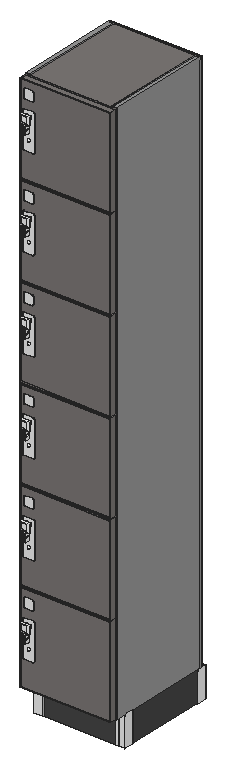
Revit family "Wood_Lockers_Hasps-Salsbury_Industries-46000_Series-1_Wide_Units", category Specialty Equipment, Revit 2024 (continued)
Definition of nested family "Wood Locker Flat Corner Fillers"
  Dimensions and locks (in)
    equal spacing: plane 6 "Front Side", plane 1 "Center (Front/Back)", plane 7 "Back Side"
    equal spacing: plane 5 "Left Side", plane 3 "Center (Left/Right)", plane 4 "Right Side"
    "Width": plane 5 "Left Side" to plane 4 "Right Side"
    "Depth": plane 6 "Front Side" to plane 7 "Back Side"
    "Height": plane 9 "Top Side" to plane 8 "Bottom"
    locked: plane 9 "Top Side" to plane 10 "Wood - Laminate Line" at 0.031
    locked: plane 6 "Front Side" to plane 12 at 3
    locked: plane 5 "Left Side" to plane 11 at 3
    plane 12 to plane 7 "Back Side" = 13.875"
    aligned and locked: level to plane 2
  Automatic sketch dimensions
    Extrusion 2 sketch curve to plane 5 "Left Side" = 0.000"
    plane 6 "Front Side" to Extrusion 2 sketch curve = 0.000"
    Extrusion 2 sketch curve to plane 11 = 0.000"
    Extrusion 2 sketch curve to plane 4 "Right Side" = 0.000"
    Extrusion 2 sketch curve to plane 12 = 0.000"
    plane 7 "Back Side" to Extrusion 2 sketch curve = 0.000"
    Extrusion 1 sketch curve to plane 5 "Left Side" = 0.000"
    plane 7 "Back Side" to Extrusion 1 sketch curve = 0.000"
    Extrusion 1 sketch curve to plane 12 = 0.000"
    Extrusion 1 sketch curve to plane 4 "Right Side" = 0.000"
    plane 6 "Front Side" to Extrusion 1 sketch curve = 0.000"
    Extrusion 1 sketch curve to plane 11 = 0.000"
Definition of nested family "Wood Locker Side Panels-No Slope"
  Parameters (values of type "44330 - 6' H for 15"D Lockers")
    Width = 14.625"
    Visible = yes
    Version = "1.0 (12/15/23)"
    Type Comments = "Side Panel for Premier Wood Lockers without Sloping Hood"
    Model = "44330"
    Manufacturer = "Salsbury Industries"
    Laminate Surface = none
    Height = 72.000"
    Door Trim = none
    Description = "6' H for 15\" D Lockers"
    Depth = 0.750"
    Default Elevation = 0.000"
  Types (6): name | Width | Visible | Version | Type Comments | Model | Manufacturer | Description
    (no name) | 14.625" | yes | "1.0 (12/15/23)" | "Side Panel for Premier Wood Lockers without Sloping Hood" | "44330" | "Salsbury Industries" | "6' H for 15\" D Lockers"
    44330 - 6' H for 15"D Lockers | 14.625" | yes | "1.0 (12/15/23)" | "Side Panel for Premier Wood Lockers without Sloping Hood" | "44330" | "Salsbury Industries" | "6' H for 15\" D Lockers"
    44333 - 6' H for 18" D Lockers | 17.625" | yes | "1.0 (12/15/23)" | "Side Panel for Premier Wood Lockers withouth Sloping Hood" | "44333" | "Salsbury Industries" | "6' H for 18\" D Lockers"
    44335 - 6' H for 21" D Lockers | 20.625" | yes | "1.0 (12/15/23)" | "Side Panel for Premier Wood Lockers without Sloping Hood" | "44335" | "Salsbury Industries" | "6' H for 21\" D Lockers"
    None | 14.000" | no | "" | "" | "" | "" | ""
    44237 - 6' H for 24" D Lockers | 23.625" | yes | "1.0 (12/15/23)" | "Side Panel for Premier Wood Lockers without Sloping Hood" | "44237" | "Salsbury Industries" | "6' H for 21\" D Lockers"
  Reference planes (in)
    plane 1 "Center (Front/Back)": y = 0
    plane 2: z = 0
    plane 3 "Center (Left/Right)": x = 0
    plane 4 "Back": y = 0.375
    plane 5 "Front": y = -0.375
    plane 6 "Left Side": x = -7.3125
    plane 7 "Right Side": x = 7.3125
    plane 8 "Bottom": z = 0
    plane 9 "Top": z = 72
    plane 10 "Center Elevation": z = 36
    plane 11 "Wood - Laminate Edge": y = -0.344
    plane 12 "Right Side of Wood": x = 7.2815
    plane 13 "Left Side of Wood": x = -7.2815
    plane 14 "Top of Wood": z = 71.969
    plane 15 "Bottom of Wood": z = 0.031
  Forms (in)
    Extrusion 1, solid, visible <- "Visible"
      sketch origin (0, 0.375, 0) x (1, 0, 0) y (0, 0, 1)
        loop
          line (7.2815, 71.969) -> (-7.2815, 71.969) -> (-7.2815, 0.031) -> (7.2815, 0.031) -> (7.2815, 71.969)
      from 0 to 0.719
    Extrusion 2, solid, material <- "Laminate Surface", visible <- "Visible"
      sketch origin (0, -0.375, 0) x (1, 0, 0) y (0, 0, 1)
        loop
          line (-7.3125, 72) -> (-7.3125, 0) -> (7.3125, 0) -> (7.3125, 72) -> (-7.3125, 72)
      from -0.031 to 0
    Extrusion 3, solid, material <- "Laminate Surface", visible <- "Visible"
      sketch origin (0, 0, 0) x (1, 0, 0) y (0, 0, 1)
        loop
          line (-7.3125, 0) -> (7.3125, 0) -> (7.3125, 72) -> (-7.3125, 72) -> (-7.3125, 0)
        loop
          line (-7.2815, 0.031) -> (7.2815, 0.031) -> (7.2815, 71.969) -> (-7.2815, 71.969) -> (-7.2815, 0.031)
      from -0.375 to 0.344
  Dimensions and locks (in)
    equal spacing: plane 6 "Left Side", plane 3 "Center (Left/Right)", plane 7 "Right Side"
    plane 5 "Front" to plane 1 "Center (Front/Back)" to plane 4 "Back" = 0.375", 0.375"
    "Width": plane 6 "Left Side" to plane 7 "Right Side"
    "Depth": plane 5 "Front" to plane 4 "Back"
    equal spacing: plane 9 "Top", plane 10 "Center Elevation", plane 8 "Bottom"
    "Height": plane 9 "Top" to plane 8 "Bottom"
    locked: plane 5 "Front" to plane 11 "Wood - Laminate Edge" at 0.031
    locked: plane 15 "Bottom of Wood" to plane 8 "Bottom" at 0.031
    locked: plane 12 "Right Side of Wood" to plane 7 "Right Side" at 0.031
    locked: plane 6 "Left Side" to plane 13 "Left Side of Wood" at 0.031
    locked: plane 9 "Top" to plane 14 "Top of Wood" at 0.031
    aligned and locked: level to plane 2
    aligned and locked: Extrusion 2 sketch curve to plane 7 "Right Side"
    aligned and locked: plane 8 "Bottom" to Extrusion 2 sketch curve
    aligned and locked: plane 6 "Left Side" to Extrusion 2 sketch curve
    aligned and locked: plane 9 "Top" to Extrusion 2 sketch curve
    aligned and locked: Extrusion 3 to plane 4 "Back"
    aligned and locked: plane 11 "Wood - Laminate Edge" to Extrusion 3
  Automatic sketch dimensions
    plane 13 "Left Side of Wood" to Extrusion 1 sketch curve = 0.000"
    plane 12 "Right Side of Wood" to Extrusion 1 sketch curve = 0.000"
    Extrusion 1 sketch curve to plane 15 "Bottom of Wood" = 0.000"
    Extrusion 1 sketch curve to plane 14 "Top of Wood" = 0.000"
    plane 13 "Left Side of Wood" to Extrusion 3 sketch curve = 0.000"
    Extrusion 3 sketch curve to level = 0.000"
    plane 13 "Left Side of Wood" to Extrusion 3 sketch curve = 0.031"
    plane 12 "Right Side of Wood" to Extrusion 3 sketch curve = 0.000"
    plane 7 "Right Side" to Extrusion 3 sketch curve = 0.000"
    Extrusion 3 sketch curve to plane 15 "Bottom of Wood" = 0.000"
    Extrusion 3 sketch curve to plane 14 "Top of Wood" = 0.000"
    Extrusion 3 sketch curve to plane 9 "Top" = 0.000"
Definition of nested family "Wood Locker Side Panels-With Slope"
  Parameters (values of type "33339 - 6' H for 15" D Lockers")
    Width = 14.000"
    Visible = yes
    Version = "1.0 (2/29/16)"
    Type Comments = "Side Panel for Designer Wood Lockers with Sloping Hood"
    Slope Height = 5.233"
    Model = "33339"
    Manufacturer = "Salsbury Industries"
    Laminate Surface = none
    Height = 72.164"
    Door Trim = none
    Description = "6' H for 15\" D Lockers"
    Depth = 0.750"
    Default Elevation = 0.000"
  Types (11): name | Width | Visible | Version | Type Comments | Slope Height | Model | Manufacturer | Height | Description
    (no name) | 14.000" | yes | "1.0 (2/29/16)" | "Side Panel for Designer Wood Lockers with Sloping Hood" | 5.233" | "33339" | "Salsbury Industries" | 72.164" | "6' H for 15\" D Lockers"
    33334 - 6' H  for 18" D Lockers | 17.000" | yes | "1.0 (2/29/16)" | "Side Panel for Designer Wood Lockers with Sloping Hood" | 6.358" | "33334" | "Salsbury Industries" | 72.153" | "6' H for 18\" D Lockers"
    33336 - 6' H for 21" D Lockers | 20.000" | yes | "1.0 (2/29/16)" | "Side Panel for Designer Wood Lockers with Sloping Hood" | 7.483" | "33336" | "Salsbury Industries" | 72.153" | "6' H for 21\" D Lockers"
    22238 - 6' H for 24" D Lockers | 23.000" | yes | "1.0 (2/29/16)" | "Side Panel for Extra Wide Designer Wood Lockers with Sloping Hood" | 8.608" | "22238" | "Salsbury Industries" | 72.153" | "6' H for 24\" D Lockers"
    33309 - 5' H for 15" D Lockers | 14.000" | yes | "1.0 (2/29/16)" | "Side Panel for Designer Wood Lockers with Sloping Hood" | 5.233" | "33309" | "Salsbury Industries" | 60.153" | "5' H for 15\" D Lockers"
    33304 - 5' H for 18" D Lockers | 17.000" | yes | "1.0 (2/29/16)" | "Side Panel for Designer Wood Lockers with Sloping Hood" | 6.358" | "33304" | "Salsbury Industries" | 60.153" | "5' H for 18\" D Lockers"
    33306 - 5' H for 21" D Lockers | 20.000" | yes | "1.0 (2/29/16)" | "Side Panel for Designer Wood Lockers with Sloping Hood" | 7.483" | "33306" | "Salsbury Industries" | 60.153" | "5' H for 21\" D Lockers"
    None | 14.000" | no | "" | "" | 5.500" | "" | "" | 72.000" | ""
    33339 - 6' H for 15" D Lockers | 14.000" | yes | "1.0 (2/29/16)" | "Side Panel for Designer Wood Lockers with Sloping Hood" | 5.233" | "33339" | "Salsbury Industries" | 72.164" | "6' H for 15\" D Lockers"
    22234 - 6' H for 18" D Lockers | 17.000" | yes | "1.0 (2/29/16)" | "Side Panel for Extra Wide Designer Wood Lockers with Sloping Hood" | 6.358" | "22234" | "Salsbury Industries" | 72.153" | "6' H for 18\" D Lockers"
    22236 - 6' H for 21" D Lockers | 20.000" | yes | "1.0 (2/29/16)" | "Side Panel for Extra Wide Designer Wood Lockers with Sloping Hood" | 7.483" | "22236" | "Salsbury Industries" | 72.153" | "6' H for 21\" D Lockers"
  Reference planes (in)
    plane 1 "Center (Front/Back)": y = 0
    plane 2: z = 0
    plane 3 "Center (Left/Right)": x = 0
    plane 4 "Back": y = 0.375
    plane 5 "Front": y = -0.375
    plane 6 "Left Side": x = -7
    plane 7 "Right Side": x = 7
    plane 8 "Bottom": z = 0
    plane 9 "Top": z = 72.164
    plane 10 "Center Elevation": z = 36.082
    plane 11 "Wood - Laminate Edge": y = -0.344
    plane 12 "Right Side of Wood": x = 6.875
    plane 13 "Left Side of Wood": x = -6.875
    plane 14 "Top of Wood": z = 72.039
    plane 15 "Bottom of Wood": z = 0.125
    plane 16: z = 77.397
    plane 17: z = 77.272
  Forms (in)
    Extrusion 1, solid, visible <- "Visible"
      sketch origin (0, 0.375, 0) x (1, 0, 0) y (0, 0, 1)
        loop
          arc (-6.875, 0.25) -> (-6.83839, 0.16161) -> (-6.75, 0.125) r 0.125
          line (-6.75, 0.125) -> (6.75, 0.125)
          arc (6.75, 0.125) -> (6.83839, 0.16161) -> (6.875, 0.25) r 0.125
          line (6.875, 0.25) -> (6.875, 71.914)
          arc (6.875, 71.914) -> (6.86548, 71.96184) -> (6.83839, 72.00239) r 0.125
          line (6.83839, 72.00239) -> (-6.70276, 77.26273)
          arc (-6.70276, 77.26273) -> (-6.81971, 77.25075) -> (-6.875, 77.147) r 0.125
          line (-6.875, 77.147) -> (-6.875, 0.25)
      from 0 to 0.719
    Extrusion 2, solid, material <- "Laminate Surface", visible <- "Visible"
      sketch origin (0, -0.375, 0) x (1, 0, 0) y (0, 0, 1)
        loop
          arc (-6.875, 0.25) -> (-6.83839, 0.16161) -> (-6.75, 0.125) r 0.125
          line (-6.75, 0.125) -> (6.75, 0.125)
          arc (6.75, 0.125) -> (6.83839, 0.16161) -> (6.875, 0.25) r 0.125
          line (6.875, 0.25) -> (6.875, 71.914)
          arc (6.875, 71.914) -> (6.86548, 71.96184) -> (6.83839, 72.00239) r 0.125
          line (6.83839, 72.00239) -> (-6.70276, 77.26273)
          arc (-6.70276, 77.26273) -> (-6.81971, 77.25075) -> (-6.875, 77.147) r 0.125
          line (-6.875, 77.147) -> (-6.875, 0.25)
      from -0.031 to 0
    Sweep 3, solid, material <- "Door Trim", visible <- "Visible"
      path origin (0, -0.375, 0) x (1, 0, 0) y (0, 0, 1)
        loop
          line (-6.875, 77.147) -> (-6.875, 0.25)
          arc (-6.875, 0.25) -> (-6.83839, 0.16161) -> (-6.75, 0.125) r 0.125
          line (-6.75, 0.125) -> (6.75, 0.125)
          arc (6.75, 0.125) -> (6.83839, 0.16161) -> (6.875, 0.25) r 0.125
          line (6.875, 0.25) -> (6.875, 71.914)
          arc (6.875, 71.914) -> (6.86548, 71.96184) -> (6.83839, 72.00239) r 0.125
          line (6.83839, 72.00239) -> (-6.70276, 77.26273)
          arc (-6.70276, 77.26273) -> (-6.81971, 77.25075) -> (-6.875, 77.147) r 0.125
      profile origin (-6.81971, -0.375, 77.25075) x (-0.557711, 0, 0.830035) y (0, -1, 0)
        loop
          line (0, 0) -> (0, -0.75) -> (0.125, -0.75) -> (0.125, 0) -> (0, 0)
  Dimensions and locks (in)
    equal spacing: plane 6 "Left Side", plane 3 "Center (Left/Right)", plane 7 "Right Side"
    plane 5 "Front" to plane 1 "Center (Front/Back)" to plane 4 "Back" = 0.375", 0.375"
    "Width": plane 6 "Left Side" to plane 7 "Right Side"
    "Depth": plane 5 "Front" to plane 4 "Back"
    equal spacing: plane 9 "Top", plane 10 "Center Elevation", plane 8 "Bottom"
    "Height": plane 9 "Top" to plane 8 "Bottom"
    locked: plane 5 "Front" to plane 11 "Wood - Laminate Edge" at 0.031
    locked: plane 15 "Bottom of Wood" to plane 8 "Bottom" at 0.125
    locked: plane 12 "Right Side of Wood" to plane 7 "Right Side" at 0.125
    locked: plane 6 "Left Side" to plane 13 "Left Side of Wood" at 0.125
    locked: plane 9 "Top" to plane 14 "Top of Wood" at 0.125
    "Slope Height": plane 16 to plane 9 "Top"
    locked: plane 16 to plane 17 at 0.125
    aligned and locked: level to plane 2
  Automatic sketch dimensions
    Sweep 3 sketch curve to profile plane = 0.000"
    plane 5 "Front" to Sweep 3 sketch curve = 0.000"
    Sweep 3 sketch curve to Sweep 3 sketch curve = 0.125"  (x3)
    Sweep 3 sketch curve to plane 5 "Front" = 0.750"
    Sweep 3 sketch curve to plane 13 "Left Side of Wood" = 0.000"
    Sweep 3 sketch curve to plane 15 "Bottom of Wood" = 0.000"
    plane 12 "Right Side of Wood" to Sweep 3 sketch curve = 0.000"
    Sweep 3 sketch curve to plane 13 "Left Side of Wood" = 0.125"  (x2)
    plane 17 to Sweep 3 sketch curve = 0.00927"
    Sweep 3 sketch curve to Sweep 3 sketch curve = 0.04724"
    plane 14 "Top of Wood" to Sweep 3 sketch curve = 0.125"
    plane 12 "Right Side of Wood" to Sweep 3 sketch curve = 0.03661"
    plane 13 "Left Side of Wood" to Extrusion 2 sketch curve = 0.000"
    Extrusion 2 sketch curve to plane 15 "Bottom of Wood" = 0.000"
    plane 12 "Right Side of Wood" to Extrusion 2 sketch curve = 0.000"
    Extrusion 2 sketch curve to plane 13 "Left Side of Wood" = 0.125"  (x2)
    plane 17 to Extrusion 2 sketch curve = 0.00927"
    Extrusion 2 sketch curve to Extrusion 2 sketch curve = 0.04724"
    Extrusion 2 sketch curve to Extrusion 2 sketch curve = 0.125"  (x2)
    plane 12 "Right Side of Wood" to Extrusion 2 sketch curve = 0.03661"
    plane 14 "Top of Wood" to Extrusion 2 sketch curve = 0.125"
    plane 13 "Left Side of Wood" to Extrusion 1 sketch curve = 0.000"
    Extrusion 1 sketch curve to plane 15 "Bottom of Wood" = 0.000"
    plane 12 "Right Side of Wood" to Extrusion 1 sketch curve = 0.000"
    Extrusion 1 sketch curve to plane 13 "Left Side of Wood" = 0.125"  (x2)
    plane 17 to Extrusion 1 sketch curve = 0.00927"
    Extrusion 1 sketch curve to Extrusion 1 sketch curve = 0.04724"
    plane 12 "Right Side of Wood" to Extrusion 1 sketch curve = 0.125"
    Extrusion 1 sketch curve to Extrusion 1 sketch curve = 0.125"
    plane 12 "Right Side of Wood" to Extrusion 1 sketch curve = 0.03661"
    plane 14 "Top of Wood" to Extrusion 1 sketch curve = 0.125"
Definition of nested family "Wood Locker Double Side Panels-No Slope"
  Parameters (values of type "44330DE - 6' H for 15"D Lockers")
    Width = 29.250"
    Visible = yes
    Version = "1.0 (12/15/23)"
    Type Comments = "Double End Panel for Premier Wood Lockers"
    Model = "44330DE"
    Manufacturer = "Salsbury Industries"
    Laminate Surface = none
    Height = 72.000"
    Door Trim = none
    Description = "For 6' H x 15\" D without Sloping Hood"
    Depth = 0.750"
    Default Elevation = 0.000"
  Types (6): name | Width | Visible | Version | Type Comments | Model | Manufacturer | Description
    (no name) | 29.250" | yes | "1.0 (12/15/23)" | "Double End Panel for Premier Wood Lockers" | "44330DE" | "Salsbury Industries" | "For 6' H x 15\" D without Sloping Hood"
    44330DE - 6' H for 15"D Lockers | 29.250" | yes | "1.0 (12/15/23)" | "Double End Panel for Premier Wood Lockers" | "44330DE" | "Salsbury Industries" | "For 6' H x 15\" D without Sloping Hood"
    44333DE - 6' H for 18" D Lockers | 35.250" | yes | "1.0 (12/15/23)" | "Double End Panel for Premier Wood Lockers" | "44333DE" | "Salsbury Industries" | "For 6' H x 18\" D without Sloping Hood"
    44335DE - 6' H for 21" D Lockers | 41.250" | yes | "1.0 (12/15/23)" | "Double End Panel for Premier Wood Lockers" | "44335DE" | "Salsbury Industries" | "For 6' H x 21\" D without Sloping Hood"
    None | 14.000" | no | "" | "" | "" | "" | ""
    44237DE - 6' H for 24" D Lockers | 47.250" | yes | "1.0 (12/15/23)" | "Double End Panel for Premier Wood Lockers" | "44237DE" | "Salsbury Industries" | "For 6' H x 21\" D without Sloping Hood"
  Reference planes (in)
    plane 1 "Center (Front/Back)": y = 0
    plane 2: z = 0
    plane 3 "Center (Left/Right)": x = 0
    plane 4 "Back": y = 0.375
    plane 5 "Front": y = -0.375
    plane 6 "Left Side": x = -14.625
    plane 7 "Right Side": x = 14.625
    plane 8 "Bottom": z = 0
    plane 9 "Top": z = 72
    plane 10 "Center Elevation": z = 36
    plane 11 "Wood - Laminate Edge": y = -0.344
    plane 12 "Right Side of Wood": x = 14.594
    plane 13 "Left Side of Wood": x = -14.594
    plane 14 "Top of Wood": z = 71.969
    plane 15 "Bottom of Wood": z = 0.031
  Forms (in)
    Extrusion 1, solid, visible <- "Visible"
      sketch origin (0, 0.375, 0) x (1, 0, 0) y (0, 0, 1)
        loop
          line (14.594, 71.969) -> (-14.594, 71.969) -> (-14.594, 0.031) -> (14.594, 0.031) -> (14.594, 71.969)
      from 0 to 0.719
    Extrusion 2, solid, material <- "Laminate Surface", visible <- "Visible"
      sketch origin (0, -0.375, 0) x (1, 0, 0) y (0, 0, 1)
        loop
          line (-14.625, 72) -> (-14.625, 0) -> (14.625, 0) -> (14.625, 72) -> (-14.625, 72)
      from -0.031 to 0
    Extrusion 3, solid, material <- "Laminate Surface", visible <- "Visible"
      sketch origin (0, 0, 0) x (1, 0, 0) y (0, 0, 1)
        loop
          line (-14.625, 0) -> (14.625, 0) -> (14.625, 72) -> (-14.625, 72) -> (-14.625, 0)
        loop
          line (14.594, 71.969) -> (-14.594, 71.969) -> (-14.594, 0.031) -> (14.594, 0.031) -> (14.594, 71.969)
      from -0.375 to 0.344
  Dimensions and locks (in)
    equal spacing: plane 6 "Left Side", plane 3 "Center (Left/Right)", plane 7 "Right Side"
    plane 5 "Front" to plane 1 "Center (Front/Back)" to plane 4 "Back" = 0.375", 0.375"
    "Width": plane 6 "Left Side" to plane 7 "Right Side"
    "Depth": plane 5 "Front" to plane 4 "Back"
    equal spacing: plane 9 "Top", plane 10 "Center Elevation", plane 8 "Bottom"
    "Height": plane 9 "Top" to plane 8 "Bottom"
    locked: plane 5 "Front" to plane 11 "Wood - Laminate Edge" at 0.031
    locked: plane 15 "Bottom of Wood" to plane 8 "Bottom" at 0.031
    plane 12 "Right Side of Wood" to plane 7 "Right Side" = 0.031"
    locked: plane 6 "Left Side" to plane 13 "Left Side of Wood" at 0.031
    locked: plane 9 "Top" to plane 14 "Top of Wood" at 0.031
    aligned and locked: level to plane 2
    aligned and locked: plane 8 "Bottom" to Extrusion 2 sketch curve
    aligned and locked: plane 6 "Left Side" to Extrusion 2 sketch curve
    aligned and locked: Extrusion 2 sketch curve to plane 7 "Right Side"
    aligned and locked: plane 9 "Top" to Extrusion 2 sketch curve
    aligned and locked: Extrusion 3 to plane 4 "Back"
    aligned and locked: plane 11 "Wood - Laminate Edge" to Extrusion 3
  Automatic sketch dimensions
    plane 13 "Left Side of Wood" to Extrusion 1 sketch curve = 0.000"
    plane 12 "Right Side of Wood" to Extrusion 1 sketch curve = 0.000"
    Extrusion 1 sketch curve to plane 15 "Bottom of Wood" = 0.000"
    Extrusion 1 sketch curve to plane 14 "Top of Wood" = 0.000"
    Extrusion 3 sketch curve to level = 0.000"
    plane 6 "Left Side" to Extrusion 3 sketch curve = 0.000"
    plane 7 "Right Side" to Extrusion 3 sketch curve = 0.000"
    Extrusion 3 sketch curve to plane 9 "Top" = 0.000"
    plane 13 "Left Side of Wood" to Extrusion 3 sketch curve = 0.000"
    Extrusion 3 sketch curve to plane 15 "Bottom of Wood" = 0.000"
    Extrusion 3 sketch curve to plane 14 "Top of Wood" = 0.000"
    plane 12 "Right Side of Wood" to Extrusion 3 sketch curve = 0.000"
Definition of nested family "Wood Locker Double Side Panels-With Slope"
  Parameters (values of type "44339DE - 6' H for 15"D Lockers")
    Width = 29.250"
    Visible = yes
    Version = "1.0 (12/15/23)"
    Type Comments = "Double End Panel for Premier Wood Lockers"
    Slope Height = 5.681"
    Model = "44339DE"
    Manufacturer = "Salsbury Industries"
    Laminate Surface = none
    Height = 72.062"
    Door Trim = none
    Description = "For 6' H x 15\" D Lockers with Sloping Hood"
    Depth = 0.750"
    Default Elevation = 0.000"
  Types (6): name | Width | Visible | Version | Type Comments | Slope Height | Model | Manufacturer | Height | Description
    (no name) | 29.250" | yes | "1.0 (12/15/23)" | "Double End Panel for Premier Wood Lockers" | 5.681" | "44339DE" | "Salsbury Industries" | 72.062" | "For 6' H x 15\" D Lockers with Sloping Hood"
    44339DE - 6' H for 15"D Lockers | 29.250" | yes | "1.0 (12/15/23)" | "Double End Panel for Premier Wood Lockers" | 5.681" | "44339DE" | "Salsbury Industries" | 72.062" | "For 6' H x 15\" D Lockers with Sloping Hood"
    44334DE - 6' H  for 18" D Lockers | 35.250" | yes | "1.0 (12/15/23)" | "Double End Panel for Premier Wood Lockers" | 6.806" | "44334DE" | "Salsbury Industries" | 72.062" | "For 6' H x 18\" D Lockers with Sloping Hood"
    44336DE - 6' H for 21" D Lockers | 41.250" | yes | "1.0 (12/15/23)" | "Double End Panel for Premier Wood Lockers" | 7.931" | "44336DE" | "Salsbury Industries" | 72.062" | "For 6' H x 21\" D Lockers with Sloping Hood"
    None | 14.000" | no | "" | "" | 5.500" | "" | "" | 72.000" | ""
    44238DE - 6' H for 24" D Lockers | 47.250" | yes | "1.0 (12/15/23)" | "Double End Panel for Premier Wood Lockers" | 8.895" | "442386DE" | "Salsbury Industries" | 72.153" | "For 6' H x 21\" D Lockers with Sloping Hood"
  Reference planes (in)
    plane 1 "Center (Front/Back)": y = 0
    plane 2: z = 0
    plane 3 "Center (Left/Right)": x = 0
    plane 4 "Back": y = 0.375
    plane 5 "Front": y = -0.375
    plane 6 "Left Side": x = -14.625
    plane 7 "Right Side": x = 14.625
    plane 8 "Bottom": z = 0
    plane 9 "Top": z = 72.062
    plane 10 "Center Elevation": z = 36.031
    plane 11 "Wood - Laminate Edge": y = -0.344
    plane 12 "Right Side of Wood": x = 14.594
    plane 13 "Left Side of Wood": x = -14.594
    plane 14 "Top of Wood": z = 71.937
    plane 15 "Bottom of Wood": z = 0.125
    plane 16: z = 77.743
    plane 17: z = 77.712
  Forms (in)
    Extrusion 1, solid, visible <- "Visible"
      sketch origin (0, 0.375, 0) x (1, 0, 0) y (0, 0, 1)
        loop
          line (14.594, 72.031) -> (0, 77.712) -> (-14.594, 72.031) -> (-14.594, 0) -> (14.594, 0) -> (14.594, 72.031)
      from 0 to 0.719
    Extrusion 2, solid, material <- "Laminate Surface", visible <- "Visible"
      sketch origin (0, -0.375, 0) x (1, 0, 0) y (0, 0, 1)
        loop
          line (14.625, 0) -> (14.625, 72.062) -> (0, 77.743) -> (-14.625, 72.062) -> (-14.625, 0) -> (14.625, 0)
      from -0.031 to 0
    Extrusion 3, solid, material <- "Laminate Surface", visible <- "Visible"
      sketch origin (0, 0.375, 0) x (1, 0, 0) y (0, 0, 1)
        loop
          line (14.625, 0) -> (14.625, 72.062) -> (0, 77.743) -> (-14.625, 72.062) -> (-14.625, 0) -> (-14.594, 0) -> (-14.594, 72.031) -> (0, 77.712) -> (14.594, 72.031) -> (14.594, 0) -> (14.625, 0)
      from 0 to 0.719
  Dimensions and locks (in)
    equal spacing: plane 6 "Left Side", plane 3 "Center (Left/Right)", plane 7 "Right Side"
    plane 5 "Front" to plane 1 "Center (Front/Back)" to plane 4 "Back" = 0.375", 0.375"
    "Width": plane 6 "Left Side" to plane 7 "Right Side"
    "Depth": plane 5 "Front" to plane 4 "Back"
    equal spacing: plane 9 "Top", plane 10 "Center Elevation", plane 8 "Bottom"
    "Height": plane 9 "Top" to plane 8 "Bottom"
    locked: plane 5 "Front" to plane 11 "Wood - Laminate Edge" at 0.031
    locked: plane 15 "Bottom of Wood" to plane 8 "Bottom" at 0.125
    locked: plane 12 "Right Side of Wood" to plane 7 "Right Side" at 0.031
    locked: plane 6 "Left Side" to plane 13 "Left Side of Wood" at 0.031
    locked: plane 9 "Top" to plane 14 "Top of Wood" at 0.125
    "Slope Height": plane 16 to plane 9 "Top"
    locked: plane 16 to plane 17 at 0.031
    aligned and locked: level to plane 2
    aligned and locked: Extrusion 3 to plane 4 "Back"
    aligned and locked: plane 11 "Wood - Laminate Edge" to Extrusion 3
  Automatic sketch dimensions
    plane 6 "Left Side" to Extrusion 2 sketch curve = 0.000"
    Extrusion 2 sketch curve to plane 3 "Center (Left/Right)" = 0.000"
    plane 7 "Right Side" to Extrusion 2 sketch curve = 0.000"
    Extrusion 2 sketch curve to level = 0.000"
    Extrusion 2 sketch curve to plane 9 "Top" = 0.000"  (x2)
    Extrusion 2 sketch curve to plane 16 = 0.000"
    Extrusion 1 sketch curve to level = 0.000"
    plane 13 "Left Side of Wood" to Extrusion 1 sketch curve = 0.000"
    Extrusion 1 sketch curve to plane 3 "Center (Left/Right)" = 0.000"
    plane 12 "Right Side of Wood" to Extrusion 1 sketch curve = 0.000"
    Extrusion 1 sketch curve to plane 17 = 0.000"
    plane 9 "Top" to Extrusion 1 sketch curve = 0.031"  (x2)
    Extrusion 3 sketch curve to level = 0.000"  (x2)
    plane 6 "Left Side" to Extrusion 3 sketch curve = 0.000"
    plane 13 "Left Side of Wood" to Extrusion 3 sketch curve = 0.000"
    Extrusion 3 sketch curve to plane 3 "Center (Left/Right)" = 0.000"  (x2)
    plane 12 "Right Side of Wood" to Extrusion 3 sketch curve = 0.000"
    plane 7 "Right Side" to Extrusion 3 sketch curve = 0.000"
    Extrusion 3 sketch curve to plane 9 "Top" = 0.000"  (x2)
    plane 9 "Top" to Extrusion 3 sketch curve = 0.031"  (x2)
    Extrusion 3 sketch curve to plane 17 = 0.000"
    Extrusion 3 sketch curve to plane 16 = 0.000"
Definition of nested family "Wood Locker Front Fillers"
  Parameters (values of type "44469 - 9" W for 6' H Lockers without Base")
    Width = 9.000"
    Visible Base = no
    Visible = yes
    Version = "1.0 (1/31/24)"
    Type Comments = "Front Vertical Filler for Premier Wood Lockers"
    Model = "44469"
    Manufacturer = "Salsbury Industries"
    Laminate Surface = none
    Height = 72.000"
    Description = "For 6' H Lockers"
    Depth = 0.750"
    Default Elevation = 0.000"
    Base Height = 0.000"
  Types (6): name | Width | Visible Base | Visible | Version | Type Comments | Model | Manufacturer | Description | Base Height
    (no name) | 9.000" | no | yes | "1.0 (1/31/24)" | "Front Vertical Filler for Premier Wood Lockers" | "44469" | "Salsbury Industries" | "For 6' H Lockers" | 0.000"
    44467 - 15"W for 6' H Lockers with Base | 15.000" | yes | yes | "1.0 (01/31/24)" | "Front Vertical Filler for Premier Wood Lockers" | "444367" | "Salsbury Industries" | "For 6' H Lockers" | 4.000"
    None | 15.000" | no | no | "" | "" | "" | "" | "" | 4.000"
    44469 - 9" W for 6' H Lockers with Base | 9.000" | yes | yes | "1.0 (01/31/24)" | "Front Vertical Filler for Premier Wood Lockers" | "44469" | "Salsbury Industries" | "For 6' H Lockers" | 4.000"
    44467 - 15" W for 6'H Lockers without Base | 15.000" | no | yes | "1.0 (01/31/24)" | "Front Vertical Filler for Premier Wood Lockers" | "44467" | "Salsbury Industries" | "For 6' H Lockers" | 0.000"
    44469 - 9" W for 6' H Lockers without Base | 9.000" | no | yes | "1.0 (1/31/24)" | "Front Vertical Filler for Premier Wood Lockers" | "44469" | "Salsbury Industries" | "For 6' H Lockers" | 0.000"
  Reference planes (in)
    plane 1 "Center (Front/Back)": y = 0
    plane 2: z = 0
    plane 3 "Center (Left/Right)": x = 0
    plane 4 "Back": y = 0.375
    plane 5 "Front": y = -0.375
    plane 6 "Left Side": x = -4.5
    plane 7 "Right Side": x = 4.5
    plane 8 "Bottom": z = 0
    plane 9 "Top": z = 72
    plane 10 "Center Elevation": z = 36
    plane 11 "Wood - Laminate Edge": y = -0.344
    plane 12 "Right Side of Wood": x = 4.375
    plane 13 "Left Side of Wood": x = -4.375
    plane 14 "Top of Wood": z = 71.875
    plane 15 "Bottom of Wood": z = 0.125
    plane 16 "Front of Base Filler": y = 1
  Forms (in)
    Extrusion 1, solid, visible <- "Visible"
      sketch origin (0, 0.375, 0) x (1, 0, 0) y (0, 0, 1)
        loop
          line (4.5, 72) -> (-4.5, 72) -> (-4.5, 0) -> (4.5, 0) -> (4.5, 72)
      from 0 to 0.719
    Extrusion 2, solid, material <- "Laminate Surface", visible <- "Visible"
      sketch origin (0, -0.375, 0) x (1, 0, 0) y (0, 0, 1)
        loop
          line (-4.5, 72) -> (-4.5, 0) -> (4.5, 0) -> (4.5, 72) -> (-4.5, 72)
      from -0.031 to 0
    Extrusion 3, solid, visible <- "Visible Base"
      sketch origin (0, 0, 0) x (1, 0, 0) y (0, 1, 0)
        loop
          line (-4.5, 1.75) -> (-4.5, 0.375) -> (4.5, 0.375) -> (4.5, 1.75) -> (-4.5, 1.75)
      from 0 to 0.75
    Extrusion 4, solid, visible <- "Visible Base"
      sketch origin (0, 0, 0) x (1, 0, 0) y (0, 1, 0)
        loop
          line (-4.5, 1.75) -> (-4.5, 1) -> (4.5, 1) -> (4.5, 1.75) -> (-4.5, 1.75)
      from 0 to -4
  Dimensions and locks (in)
    equal spacing: plane 6 "Left Side", plane 3 "Center (Left/Right)", plane 7 "Right Side"
    plane 5 "Front" to plane 1 "Center (Front/Back)" to plane 4 "Back" = 0.375", 0.375"
    "Width": plane 6 "Left Side" to plane 7 "Right Side"
    "Depth": plane 5 "Front" to plane 4 "Back"
    equal spacing: plane 9 "Top", plane 10 "Center Elevation", plane 8 "Bottom"
    locked: plane 5 "Front" to plane 11 "Wood - Laminate Edge" at 0.031
    locked: plane 15 "Bottom of Wood" to plane 8 "Bottom" at 0.125
    locked: plane 12 "Right Side of Wood" to plane 7 "Right Side" at 0.125
    locked: plane 6 "Left Side" to plane 13 "Left Side of Wood" at 0.125
    locked: plane 9 "Top" to plane 14 "Top of Wood" at 0.125
    locked: plane 5 "Front" to plane 16 "Front of Base Filler" at 1.375
    "Base Height": plane 8 "Bottom" to plane 2
    "Height": plane 9 "Top" to plane 8 "Bottom"
    aligned and locked: level to plane 2
    aligned and locked: plane 8 "Bottom" to Extrusion 1
  Automatic sketch dimensions
    plane 6 "Left Side" to Extrusion 1 sketch curve = 0.000"
    plane 7 "Right Side" to Extrusion 1 sketch curve = 0.000"
    level to Extrusion 1 sketch curve = 0.000"
    Extrusion 1 sketch curve to plane 9 "Top" = 0.000"
    plane 6 "Left Side" to Extrusion 2 sketch curve = 0.000"
    plane 7 "Right Side" to Extrusion 2 sketch curve = 0.000"
    plane 15 "Bottom of Wood" to Extrusion 2 sketch curve = 0.125"
    Extrusion 2 sketch curve to plane 9 "Top" = 0.000"
    plane 4 "Back" to Extrusion 3 sketch curve = 0.000"
    Extrusion 3 sketch curve to plane 6 "Left Side" = 0.000"
    Extrusion 3 sketch curve to plane 7 "Right Side" = 0.000"
    Extrusion 3 sketch curve to plane 16 "Front of Base Filler" = 0.750"
    Extrusion 4 sketch curve to plane 6 "Left Side" = 0.000"
    Extrusion 4 sketch curve to plane 7 "Right Side" = 0.000"
    plane 16 "Front of Base Filler" to Extrusion 4 sketch curve = 0.000"
    Extrusion 4 sketch curve to plane 16 "Front of Base Filler" = 0.750"
Definition of nested family "Wood Locker Front Corner Filler"
  Parameters (values of type "44464 - for 6' H Lockers with Base")
    Width = 2.250"
    Visible Base = yes
    Visible = yes
    Version = "1.0 (12/15/23)"
    Type Comments = "Front Vertical Corner Filler for Designer Wood Lockers"
    Primary Structure Materials = none
    Model = "44464"
    Manufacturer = "Salsbury Industries"
    Laminate Surface = none
    Height = 72.000"
    Description = "For 6' H Lockers"
    Depth = 0.750"
    Default Elevation = 0.000"
    Base Primary Materials = none
    Base Height = 4.000"
  Types (3): name | Visible Base | Visible | Version | Type Comments | Model | Manufacturer | Description | Base Height
    None | no | no | "" | "" | "" | "" | "" | 4.000"
    44464 - for 6'H Lockers without Base | no | yes | "1.0 (12/15/23)" | "Front Vertical Corner Filler for Designer Wood Lockers" | "44464" | "Salsbury Industries" | "For 6' H Lockers" | 0.000"
    44464 - for 6' H Lockers with Base | yes | yes | "1.0 (12/15/23)" | "Front Vertical Corner Filler for Designer Wood Lockers" | "44464" | "Salsbury Industries" | "For 6' H Lockers" | 4.000"
  Reference planes (in)
    plane 1 "Center (Front/Back)": y = 0
    plane 2 "Bottom of Base": z = 0
    plane 3 "Center (Left/Right)": x = 0
    plane 4 "Back": y = 0.375
    plane 5 "Front": y = -0.375
    plane 6 "Left Side": x = -1.125
    plane 7 "Right Side": x = 1.125
    plane 8 "Bottom": z = 4
    plane 9 "Top": z = 76
    plane 10 "Center Elevation": z = 40
    plane 11 "Wood - Laminate Edge": y = -0.344
    plane 12 "Right Side of Wood": x = 1
    plane 13 "Left Side of Wood": x = -1
    plane 14 "Top of Wood": z = 75.875
    plane 15 "Bottom of Wood": z = 4.125
    plane 16 "Front of Base Filler": y = 1
  Forms (in)
    Extrusion 1, solid, material <- "Primary Structure Materials", visible <- "Visible"
      sketch origin (0, 0.375, 0) x (1, 0, 0) y (0, 0, 1)
        loop
          line (1.125, 76) -> (-1.156, 76) -> (-1.156, 4) -> (1.125, 4) -> (1.125, 76)
      from 0 to 0.719
    Extrusion 2, solid, material <- "Laminate Surface", visible <- "Visible"
      sketch origin (0, -0.375, 0) x (1, 0, 0) y (0, 0, 1)
        loop
          line (-1.125, 76) -> (-1.125, 4) -> (1.125, 4) -> (1.125, 76) -> (-1.125, 76)
      from -0.031 to 0
    Extrusion 3, solid, material <- "Primary Structure Materials", visible <- "Visible"
      sketch origin (-1.875, -1.5, 0) x (0, 1, 0) y (0, 0, 1)
        loop
          line (1.875, 76) -> (-1.125, 76) -> (-1.125, 4) -> (1.875, 4) -> (1.875, 76)
      from 0 to 0.719
    Extrusion 4, solid, material <- "Laminate Surface", visible <- "Visible"
      sketch origin (-1.125, -1.5, 0) x (0, 1, 0) y (0, 0, 1)
        loop
          line (-1.125, 76) -> (-1.125, 4) -> (1.156, 4) -> (1.156, 76) -> (-1.125, 76)
      from -0.031 to 0
    Extrusion 5, solid, material <- "Base Primary Materials", visible <- "Visible Base"
      sketch origin (0, 0, 0) x (1, 0, 0) y (0, 1, 0)
        loop
          line (-3.25, 1.75) -> (-3.25, -2.625) -> (-1.875, -2.625) -> (-1.875, 1.75) -> (-3.25, 1.75)
      from 4 to 4.75
    Extrusion 6, solid, material <- "Base Primary Materials", visible <- "Visible Base"
      sketch origin (0, 0, 0) x (1, 0, 0) y (0, 1, 0)
        loop
          line (-1.875, 1.75) -> (-1.875, 0.375) -> (1.125, 0.375) -> (1.125, 1.75) -> (-1.875, 1.75)
      from 4 to 4.75
    Extrusion 7, solid, material <- "Base Primary Materials", visible <- "Visible Base"
      sketch origin (0, 0, 0) x (1, 0, 0) y (0, 1, 0)
        loop
          line (1.125, 1.75) -> (-2.43407, 1.75) -> (-2.43407, 1) -> (1.125, 1) -> (1.125, 1.75)
      from 0 to 4
    Extrusion 8, solid, material <- "Base Primary Materials", visible <- "Visible Base"
      sketch origin (0, 0, 0) x (1, 0, 0) y (0, 1, 0)
        loop
          line (-3.25, 1.75) -> (-3.25, -2.625) -> (-2.43407, -2.625) -> (-2.43407, 1.75) -> (-3.25, 1.75)
      from 0 to 4
  Dimensions and locks (in)
    equal spacing: plane 6 "Left Side", plane 3 "Center (Left/Right)", plane 7 "Right Side"
    plane 5 "Front" to plane 1 "Center (Front/Back)" to plane 4 "Back" = 0.375", 0.375"
    "Width": plane 6 "Left Side" to plane 7 "Right Side"
    "Depth": plane 5 "Front" to plane 4 "Back"
    equal spacing: plane 9 "Top", plane 10 "Center Elevation", plane 8 "Bottom"
    "Height": plane 9 "Top" to plane 8 "Bottom"
    locked: plane 5 "Front" to plane 11 "Wood - Laminate Edge" at 0.031
    locked: plane 15 "Bottom of Wood" to plane 8 "Bottom" at 0.125
    locked: plane 12 "Right Side of Wood" to plane 7 "Right Side" at 0.125
    locked: plane 6 "Left Side" to plane 13 "Left Side of Wood" at 0.125
    locked: plane 9 "Top" to plane 14 "Top of Wood" at 0.125
    locked: plane 5 "Front" to plane 16 "Front of Base Filler" at 1.375
    "Base Height": plane 8 "Bottom" to plane 2 "Bottom of Base"
    aligned and locked: level to plane 2 "Bottom of Base"
    aligned and locked: plane 8 "Bottom" to Extrusion 1
    aligned and locked: Extrusion 7 to Extrusion 5
    aligned and locked: Extrusion 8 to Extrusion 5
    aligned and locked: Extrusion 7 to Extrusion 8
  Automatic sketch dimensions
    Extrusion 1 sketch curve to plane 9 "Top" = 0.000"
    Extrusion 1 sketch curve to plane 8 "Bottom" = 0.000"
    plane 7 "Right Side" to Extrusion 1 sketch curve = 0.000"
    plane 6 "Left Side" to Extrusion 1 sketch curve = 0.031"
    plane 6 "Left Side" to Extrusion 2 sketch curve = 0.000"
    plane 7 "Right Side" to Extrusion 2 sketch curve = 0.000"
    Extrusion 2 sketch curve to plane 8 "Bottom" = 0.000"
    Extrusion 2 sketch curve to plane 9 "Top" = 0.000"
    plane 9 "Top" to Extrusion 3 sketch curve = 0.000"
    plane 8 "Bottom" to Extrusion 3 sketch curve = 0.000"
    Extrusion 3 sketch curve to plane 4 "Back" = 0.000"
    plane 5 "Front" to Extrusion 3 sketch curve = 2.250"
    plane 8 "Bottom" to Extrusion 4 sketch curve = 0.000"
    plane 9 "Top" to Extrusion 4 sketch curve = 0.000"
    Extrusion 4 sketch curve to plane 11 "Wood - Laminate Edge" = 0.000"
    plane 5 "Front" to Extrusion 4 sketch curve = 2.250"
    plane 6 "Left Side" to Extrusion 5 sketch curve = 2.125"
    plane 6 "Left Side" to Extrusion 5 sketch curve = 0.750"
    plane 5 "Front" to Extrusion 5 sketch curve = 2.250"
    Extrusion 5 sketch curve to plane 16 "Front of Base Filler" = 0.750"
    plane 16 "Front of Base Filler" to Extrusion 7 sketch curve = 0.000"
    Extrusion 7 sketch curve to plane 7 "Right Side" = 0.000"
    plane 6 "Left Side" to Extrusion 7 sketch curve = 1.30907"
    Extrusion 7 sketch curve to plane 16 "Front of Base Filler" = 0.750"
    plane 6 "Left Side" to Extrusion 8 sketch curve = 2.125"
    Extrusion 8 sketch curve to Extrusion 8 sketch curve = 0.81593"
    plane 5 "Front" to Extrusion 8 sketch curve = 2.250"
    Extrusion 8 sketch curve to plane 16 "Front of Base Filler" = 0.750"
    plane 4 "Back" to Extrusion 6 sketch curve = 0.000"
    Extrusion 6 sketch curve to plane 7 "Right Side" = 0.000"
    plane 6 "Left Side" to Extrusion 6 sketch curve = 0.750"
    Extrusion 6 sketch curve to plane 16 "Front of Base Filler" = 0.750"
Definition of nested family "Wood Locker Sloping In-Line Fillers"
  Parameters (values of type "44481 - 15" W for 21" D Lockers")
    Width = 15.000"
    Visible = yes
    Version = "1.0 (12/15/23)"
    Type Comments = "Sloping Hood In-Line Filler for Premier Wood Lockers"
    Model = "44481"
    Manufacturer = "Salsbury Industries"
    Laminate Surface = none
    Height = 7.993"
    Description = "For 21\" D Lockers"
    Depth = 20.625"
    Default Elevation = 0.000"
  Types (10): name | Width | Visible | Version | Type Comments | Model | Manufacturer | Height | Description | Depth
    (no name) | 15.000" | yes | "1.0 (12/15/23)" | "Sloping Hood In-Line Filler for Premier Wood Lockers" | "44481" | "Salsbury Industries" | 7.993" | "For 21\" D Lockers" | 20.625"
    44487 - 15" W for 15" D Lockers | 15.000" | yes | "1.0 (12/15/23)" | "Sloping Hood In-Line Filler for Premier Wood Lockers" | "44487" | "Salsbury Industries" | 5.743" | "For 15\" D Lockers" | 14.625"
    44488 - 15" W for 18" D Lockers | 15.000" | yes | "1.0 (12/15/23)" | "Sloping Hood In-Line Filler for Premier Wood Lockers" | "44488" | "Salsbury Industries" | 6.868" | "For 18\" D Lockers" | 17.625"
    44481 - 15" W for 21" D Lockers | 15.000" | yes | "1.0 (12/15/23)" | "Sloping Hood In-Line Filler for Premier Wood Lockers" | "44481" | "Salsbury Industries" | 7.993" | "For 21\" D Lockers" | 20.625"
    None | 12.000" | no | "" | "" | "" | "" | 5.500" | "" | 14.000"
    44489 - 15" W for 24" D Lockers | 15.000" | yes | "1.0 (12/15/23)" | "Sloping Hood In-Line Filler for Premier Wood Lockers" | "44489" | "Salsbury Industries" | 8.875" | "For 24\" D Lockers" | 23.000"
    44488 - 9" W for 18" D Lockers | 9.000" | yes | "1.0 (12/15/23)" | "Sloping Hood In-Line Filler for Premier Wood Lockers" | "44488" | "Salsbury Industries" | 6.868" | "For 18\" D Lockers" | 17.625"
    44487 - 9" W for 15" D Lockers | 9.000" | yes | "1.0 (12/15/23)" | "Sloping Hood In-Line Filler for Premier Wood Lockers" | "44487" | "Salsbury Industries" | 5.743" | "For 15\" D Lockers" | 14.625"
    44481 - 9" W for 21" D Lockers | 9.000" | yes | "1.0 (12/15/23)" | "Sloping Hood In-Line Filler for Premier Wood Lockers" | "44481" | "Salsbury Industries" | 7.750" | "For 21\" D Lockers" | 20.000"
    44489 - 9" W for 24" D Lockers | 9.000" | yes | "1.0 (12/15/23)" | "Sloping Hood In-Line Filler for Premier Wood Lockers" | "44489" | "Salsbury Industries" | 8.875" | "For 24\" D Lockers" | 23.000"
  Reference planes (in)
    plane 1 "Center (Front/Back)": y = 0
    plane 2: z = 0
    plane 3 "Center (Left/Right)": x = 0
    plane 4 "Front of Hood": y = -10.3125
    plane 5 "Back of Hood": y = 10.3125
    plane 6 "Right Side of Hood": x = 7.5
    plane 7 "Left Side of Hood": x = -7.5
    plane 8 "Bottom of Hood": z = 0
    plane 9 "Top of Hood": z = 7.993
    plane 10: x = 6.75
    plane 11: x = -6.75
    plane 12: y = -10.2815
    plane 13: y = -9.5625
    plane 14: z = 7.962
    plane 15: z = 7.243
    plane 16: z = 0.062
    plane 17: z = 0.75
  Forms (in)
    Extrusion 1, solid, visible <- "Visible"
      sketch origin (0, 0, 0) x (0, 1, 0) y (0, 0, 1)
        loop
          line (-8.47273, 0) -> (10.3125, 7.243) -> (10.3125, 7.962) -> (-10.23269, 0.062) -> (-10.2815, 0.062) -> (-10.2815, 0) -> (-8.47273, 0)
      from -7.5 to 7.5
    Extrusion 2, solid, material <- "Laminate Surface", visible <- "Visible"
      sketch origin (0, 0, 0) x (0, 1, 0) y (0, 0, 1)
        loop
          line (-10.3125, 0.062) -> (-10.3125, 0) -> (-10.2815, 0) -> (-10.2815, 0.062) -> (-10.3125, 0.062)
      from -7.5 to 7.5
    Extrusion 3, solid, material <- "Laminate Surface", visible <- "Visible"
      sketch origin (0, 0, 0) x (0, 1, 0) y (0, 0, 1)
        loop
          line (10.3125, 7.993) -> (-10.3125, 0.062) -> (-10.23269, 0.062) -> (10.3125, 7.962) -> (10.3125, 7.993)
      from -7.5 to 7.5
  Dimensions and locks (in)
    equal spacing: plane 7 "Left Side of Hood", plane 3 "Center (Left/Right)", plane 6 "Right Side of Hood"
    "Width": plane 7 "Left Side of Hood" to plane 6 "Right Side of Hood"
    equal spacing: plane 4 "Front of Hood", plane 1 "Center (Front/Back)", plane 5 "Back of Hood"
    "Depth": plane 4 "Front of Hood" to plane 5 "Back of Hood"
    "Height": plane 9 "Top of Hood" to plane 8 "Bottom of Hood"
    plane 7 "Left Side of Hood" to plane 11 = 0.750"
    plane 10 to plane 6 "Right Side of Hood" = 0.750"
    plane 4 "Front of Hood" to plane 12 to plane 13 = 0.031" locked, 0.719" locked
    plane 15 to plane 14 to plane 9 "Top of Hood" = 0.719" locked, 0.031" locked
    locked: plane 16 to plane 8 "Bottom of Hood" at 0.062
    locked: plane 17 to plane 8 "Bottom of Hood" at 0.75
    aligned and locked: level to plane 2
    aligned and locked: Extrusion 1 to plane 6 "Right Side of Hood"
    aligned and locked: plane 7 "Left Side of Hood" to Extrusion 1
    aligned and locked: plane 7 "Left Side of Hood" to Extrusion 3
    aligned and locked: Extrusion 3 to plane 6 "Right Side of Hood"
    aligned and locked: Extrusion 2 to plane 6 "Right Side of Hood"
    aligned and locked: plane 7 "Left Side of Hood" to Extrusion 2
  Automatic sketch dimensions
    Extrusion 2 sketch curve to level = 0.000"
    Extrusion 2 sketch curve to plane 4 "Front of Hood" = 0.000"
    Extrusion 2 sketch curve to plane 12 = 0.000"
    plane 16 to Extrusion 2 sketch curve = 0.000"
    Extrusion 3 sketch curve to plane 4 "Front of Hood" = 0.000"
    plane 16 to Extrusion 3 sketch curve = 0.000"
    Extrusion 3 sketch curve to plane 5 "Back of Hood" = 0.000"
    plane 14 to Extrusion 3 sketch curve = 0.000"
    plane 9 "Top of Hood" to Extrusion 3 sketch curve = 0.000"
    Extrusion 3 sketch curve to plane 12 = 0.04881"
    Extrusion 1 sketch curve to level = 0.000"
    Extrusion 1 sketch curve to plane 12 = 0.000"
    plane 16 to Extrusion 1 sketch curve = 0.000"
    Extrusion 1 sketch curve to plane 5 "Back of Hood" = 0.000"
    plane 15 to Extrusion 1 sketch curve = 0.000"
    plane 14 to Extrusion 1 sketch curve = 0.000"
    Extrusion 1 sketch curve to plane 13 = 1.08977"
    Extrusion 1 sketch curve to plane 12 = 0.04881"
Definition of nested family "Wood Locker Flat In-Line Fillers"
  Parameters (values of type "44447 - 15" W for 15" D Lockers")
    Width = 15.000"
    Visible = yes
    Version = "1.0 (12/15/23)"
    Type Comments = "Flat Top In-Line Filler for Premier Wood Lockers"
    Model = "44447"
    Manufacturer = "Salsbury Industries"
    Laminate Surface = none
    Height = 0.750"
    Description = "For 15\" D Lockers"
    Depth = 13.250"
    Default Elevation = 0.000"
  Types (10): name | Width | Visible | Version | Type Comments | Model | Manufacturer | Description | Depth
    (no name) | 15.000" | yes | "1.0 (12/15/23)" | "Flat Top In-Line Filler for Premier Wood Lockers" | "44447" | "Salsbury Industries" | "For 15\" D Lockers" | 13.250"
    44447 - 15" W for 15" D Lockers | 15.000" | yes | "1.0 (12/15/23)" | "Flat Top In-Line Filler for Premier Wood Lockers" | "44447" | "Salsbury Industries" | "For 15\" D Lockers" | 13.250"
    44448 - 15" W for 18" D Lockers | 15.000" | yes | "1.0 (12/15/23)" | "Flat Top In-Line Filler for Premier Wood Lockers" | "44448" | "Salsbury Industries" | "For 18\" D Lockers" | 16.250"
    44441 - 15" W for 21" D Lockers | 15.000" | yes | "1.0 (12/15/23)" | "Flat Top In-Line Filler for Premier Wood Lockers" | "44441" | "Salsbury Industries" | "For 21\" D Lockers" | 19.250"
    None | 15.000" | no | "" | "" | "" | "" | "" | 13.250"
    44448 - 9" W for 18" D Lockers | 9.000" | yes | "1.0 (12/15/23)" | "Flat Top In-Line Filler for Premier Wood Lockers" | "44448" | "Salsbury Industries" | "For 18\" D Lockers" | 16.250"
    44447 - 9" W for 15" D Lockers | 9.000" | yes | "1.0 (12/15/23)" | "Flat Top In-Line Filler for Premier Wood Lockers" | "44447" | "Salsbury Industries" | "For 15\" D Lockers" | 13.250"
    44441 - 9" W for 21" D Lockers | 9.000" | yes | "1.0 (12/15/23)" | "Flat Top In-Line Filler for Premier Wood Lockers" | "44441" | "Salsbury Industries" | "For 21\" D Lockers" | 19.250"
    44449 - 15" W for 24" D Lockers | 15.000" | yes | "1.0 (12/15/23)" | "Flat Top In-Line Filler for Premier Wood Lockers" | "44449" | "Salsbury Industries" | "For 24\" D Lockers" | 22.250"
    44449 - 9" W for 24" D Lockers | 9.000" | yes | "1.0 (12/15/23)" | "Flat Top In-Line Filler for Premier Wood Lockers" | "44449" | "Salsbury Industries" | "For 24\" D Lockers" | 22.250"
  Reference planes (in)
    plane 1 "Center (Front/Back)": y = 0
    plane 2: z = 0
    plane 3 "Center (Left/Right)": x = 0
    plane 4 "Right Side": x = 7.5
    plane 5 "Left Side": x = -7.5
    plane 6 "Front Side": y = -6.625
    plane 7 "Back Side": y = 6.625
    plane 8 "Bottom": z = 0
    plane 9 "Top Side": z = 0.75
    plane 10 "Wood - Laminate Line": z = 0.719
  Forms (in)
    Extrusion 1, solid, visible <- "Visible"
      sketch origin (0, 0, 0) x (0, -1, 0) y (1, 0, 0)
        loop
          line (-6.625, -7.5) -> (6.625, -7.5) -> (6.625, 7.5) -> (-6.625, 7.5) -> (-6.625, -7.5)
      from 0 to 0.719
    Extrusion 2, solid, material <- "Laminate Surface", visible <- "Visible"
      sketch origin (0, 0, 0.75) x (1, 0, 0) y (0, 1, 0)
        loop
          line (-7.5, -6.625) -> (7.5, -6.625) -> (7.5, 6.625) -> (-7.5, 6.625) -> (-7.5, -6.625)
      from -0.031 to 0
  Dimensions and locks (in)
    equal spacing: plane 6 "Front Side", plane 1 "Center (Front/Back)", plane 7 "Back Side"
    equal spacing: plane 5 "Left Side", plane 3 "Center (Left/Right)", plane 4 "Right Side"
    "Width": plane 5 "Left Side" to plane 4 "Right Side"
    "Depth": plane 6 "Front Side" to plane 7 "Back Side"
    "Height": plane 9 "Top Side" to plane 8 "Bottom"
    locked: plane 9 "Top Side" to plane 10 "Wood - Laminate Line" at 0.031
    aligned and locked: level to plane 2
  Automatic sketch dimensions
    Extrusion 1 sketch curve to plane 4 "Right Side" = 0.000"
    plane 7 "Back Side" to Extrusion 1 sketch curve = 0.000"
    Extrusion 1 sketch curve to plane 5 "Left Side" = 0.000"
    plane 6 "Front Side" to Extrusion 1 sketch curve = 0.000"
    Extrusion 2 sketch curve to plane 5 "Left Side" = 0.000"
    plane 4 "Right Side" to Extrusion 2 sketch curve = 0.000"
    plane 6 "Front Side" to Extrusion 2 sketch curve = 0.000"
    Extrusion 2 sketch curve to plane 7 "Back Side" = 0.000"
Definition of nested family "Wood Locker Fascia Fillers"
  Parameters (values of type "44462 - for 3-Wide Units")
    Width = 36.000"
    Visible = yes
    Type Comments = "Front Fascia Filler for Premier Wood Lockers"
    Model = "44462"
    Manufacturer = "Salsbury Industries"
    Laminate Surface = none
    Height = 4.000"
    Description = "4' W for Standard Designer Lockers"
    Depth = 0.750"
    Default Elevation = 0.000"
  Types (4): name | Width | Visible | Type Comments | Model | Manufacturer | Description
    (no name) | 36.000" | yes | "Front Fascia Filler for Premier Wood Lockers" | "44462" | "Salsbury Industries" | "4' W for Standard Designer Lockers"
    44462 - for 1-Wide Units | 12.000" | yes | "Front Fascia Filler for Premier Wood Lockers" | "44462" | "Salsbury Industries" | "4' W for Standard Designer Lockers"
    None | 12.000" | no | "" | "" | "" | ""
    44462 - for 3-Wide Units | 36.000" | yes | "Front Fascia Filler for Premier Wood Lockers" | "44462" | "Salsbury Industries" | "4' W for Standard Designer Lockers"
  Reference planes (in)
    plane 1 "Center (Front/Back)": y = 0
    plane 2: z = 0
    plane 3 "Center (Left/Right)": x = 0
    plane 4 "Back": y = 0.375
    plane 5 "Front": y = -0.375
    plane 6 "Left Side": x = -18
    plane 7 "Right Side": x = 18
    plane 8 "Bottom": z = 0
    plane 9 "Top": z = 4
    plane 10 "Center Elevation": z = 2
    plane 11 "Wood - Laminate Edge": y = -0.344
    plane 12 "Right Side of Wood": x = 17.875
    plane 13 "Left Side of Wood": x = -17.875
    plane 14 "Top of Wood": z = 3.875
    plane 15 "Bottom of Wood": z = 0.125
    plane 16 "Base Bottom": z = 0
    plane 17 "Front of Base Filler": y = 1
  Forms (in)
    Extrusion 1, solid, visible <- "Visible"
      sketch origin (0, 0.375, 0) x (1, 0, 0) y (0, 0, 1)
        loop
          line (18, 4) -> (-18, 4) -> (-18, 0) -> (18, 0) -> (18, 4)
      from 0 to 0.719
    Extrusion 2, solid, material <- "Laminate Surface", visible <- "Visible"
      sketch origin (0, -0.375, 0) x (1, 0, 0) y (0, 0, 1)
        loop
          line (-18, 4) -> (-18, 0) -> (18, 0) -> (18, 4) -> (-18, 4)
      from -0.031 to 0
  Dimensions and locks (in)
    equal spacing: plane 6 "Left Side", plane 3 "Center (Left/Right)", plane 7 "Right Side"
    plane 5 "Front" to plane 1 "Center (Front/Back)" to plane 4 "Back" = 0.375", 0.375"
    "Width": plane 6 "Left Side" to plane 7 "Right Side"
    "Depth": plane 5 "Front" to plane 4 "Back"
    equal spacing: plane 9 "Top", plane 10 "Center Elevation", plane 8 "Bottom"
    "Height": plane 9 "Top" to plane 8 "Bottom"
    locked: plane 5 "Front" to plane 11 "Wood - Laminate Edge" at 0.031
    locked: plane 15 "Bottom of Wood" to plane 8 "Bottom" at 0.125
    locked: plane 12 "Right Side of Wood" to plane 7 "Right Side" at 0.125
    locked: plane 6 "Left Side" to plane 13 "Left Side of Wood" at 0.125
    locked: plane 9 "Top" to plane 14 "Top of Wood" at 0.125
    locked: plane 5 "Front" to plane 17 "Front of Base Filler" at 1.375
    aligned and locked: level to plane 2
    aligned and locked: Extrusion 1 to plane 8 "Bottom"
  Automatic sketch dimensions
    plane 6 "Left Side" to Extrusion 1 sketch curve = 0.000"
    plane 7 "Right Side" to Extrusion 1 sketch curve = 0.000"
    level to Extrusion 1 sketch curve = 0.000"
    Extrusion 1 sketch curve to plane 9 "Top" = 0.000"
    plane 6 "Left Side" to Extrusion 2 sketch curve = 0.000"
    plane 7 "Right Side" to Extrusion 2 sketch curve = 0.000"
    plane 15 "Bottom of Wood" to Extrusion 2 sketch curve = 0.125"
    Extrusion 2 sketch curve to plane 9 "Top" = 0.000"
Types (7): name | Version | Unit Height including Sloping Hood Only | Unit Height including Base Only | Sloping Hood Height | Overall Unit Height including Base and Sloping Hood | Model | Flat Top In-Line Filler - Right Side | Description | Depth | Compartment Depth | Base Height | Base Depth | Base
  (no name) | "1.0 (01/31/24)" | 77.743" | 76.000" | 5.743" | 81.743" | "46165" | Wood Locker Flat In-Line Fillers : None | "1 Wide - 6 Feet High - 15 inches Deep - with Base" | 15.000" | 13.750" | 4.000" | 13.250" | Wood Locker Bases : Base - 12" W x 15" D Lockers
  46165 | "1.0 (01/31/24)" | 77.743" | 76.000" | 5.743" | 81.743" | "46165" | Wood Locker Flat In-Line Fillers : None | "1 Wide - 6 Feet High - 15 inches Deep - with Base" | 15.000" | 13.750" | 4.000" | 13.250" | Wood Locker Bases : Base - 12" W x 15" D Lockers
  46165 - without Base | "1.0  (01/31/24)" | 77.743" | 72.000" | 5.743" | 77.743" | "46165 without Base" | Wood Locker Sloping In-Line Fillers : None | "1 Wide - 6 Feet High - 15 inches Deep - without Base" | 15.000" | 13.750" | 0.000" | 13.250" | Wood Locker Bases : None
  46168 | "1.0 (01/31/24)" | 78.868" | 76.000" | 6.868" | 82.868" | "46168" | Wood Locker Sloping In-Line Fillers : None | "1 Wide - 6 Feet High - 18 inches Deep - with Base" | 18.000" | 16.750" | 4.000" | 16.250" | Wood Locker Bases : Base - 12" W x 18" D Lockers
  46168 - without Base | "1.0 (01/31/24)" | 78.868" | 72.000" | 6.868" | 78.868" | "46168 without Base" | Wood Locker Sloping In-Line Fillers : None | "1 Wide - 6 Feet High - 18 inches Deep - without Base" | 18.000" | 16.750" | 0.000" | 16.250" | Wood Locker Bases : None
  46161 | "1.0 (01/31/24)" | 79.993" | 76.000" | 7.993" | 83.993" | "46161" | Wood Locker Sloping In-Line Fillers : None | "1 Wide - 6 Feet High - 21 inches Deep - with Base" | 21.000" | 19.750" | 4.000" | 19.250" | Wood Locker Bases : Base - 12" W x 21" D Lockers
  46161 - without Base | "1.0 (01/31/24)" | 79.993" | 72.000" | 7.993" | 79.993" | "46161 without Base" | Wood Locker Sloping In-Line Fillers : None | "1 Wide - 6 Feet High - 21 inches Deep - without Base" | 21.000" | 19.750" | 0.000" | 19.250" | Wood Locker Bases : None
